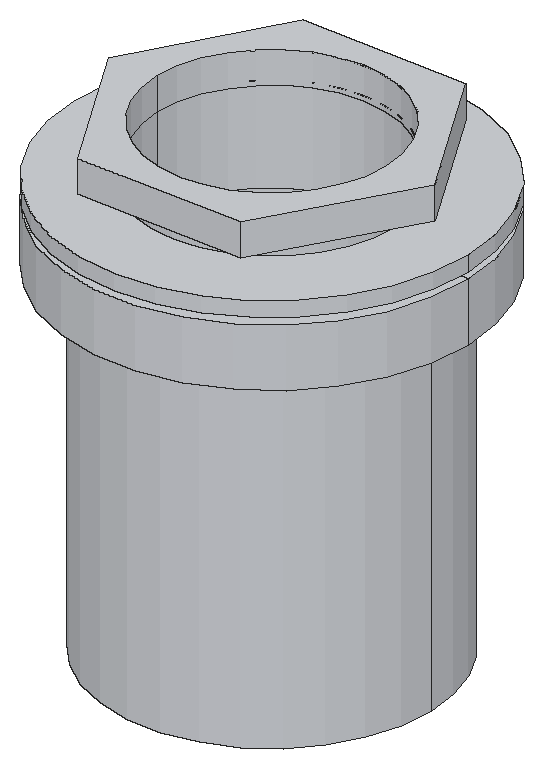
Revit family "FCS2B", category Generic Models, Revit 2017
Family settings
  Can host rebar = No
  Round Connector Dimension = Use Diameter
  Part Type = Normal
  Work Plane-Based = Yes
  Always vertical = No
  Cut with Voids When Loaded = No
  Shared = No
  Room Calculation Point = No
Parameters (values of type "NBS Standard Parameters")
  Weight = "0.0911Kg"
  WarrantyStartDate [instance] = "1900-12-31T23:59:59"
  WarrantyGuarantorParts = "n/a"
  WarrantyGuarantorLabor = "n/a"
  WarrantyDurationUnit = "1 year"
  WarrantyDurationParts = "n/a"
  WarrantyDurationLabor = "n/a"
  WarrantyDescription = "n/a"
  Version = "1"
  Uniclass2 = "Pr_65_70_11_20"
  TagNumber [instance] = "n/a"
  SustainabilityPerformance = "n/a"
  Size = "25mm"
  Shape = "Circular"
  SerialNumber [instance] = "n/a"
  Revision = "n/a"
  ReplacementCost = "n/a"
  ProductInformation = "www.metpro.co.uk/pdf/fcs2g.pdf"
  NominalWidth = 38 mm
  NominalLength = 38 mm
  NominalHeight = 43 mm
  Name = ""
  NBSTypeID = ""
  NBSReference = "90-55-10/460"
  NBSOfficeMasterTag = ""
  NBSNote = ""
  NBSDescription = "Conduit Fittings"
  NBSCertification = ""
  ModelReference = "FCS2B"
  ModelNumber = "n/a"
  Material = "Steel Body, Lead Washer and Brass Bush"
  ManufacturerURL = "www.metpro.co.uk"
  ManufacturerName = "Metpro Ltd"
  Keynote = "Compliant to LU standard 1-085"
  InstallationDate [instance] = "1900-12-31T23:59:59"
  IfcExportType = ""
  IfcExportAs = ""
  Grade = "n/a"
  Finish = "Black"
  Features = "n/a"
  ExpectedLife = "n/a"
  DurationUnit = "year"
  Description = "FCS2B 25mm Flange Coupler"
  Default Elevation = 1219.2 mm
  Constituents = "n/a"
  Color = "n/a"
  CodePerformance = "n/a"
  Category = "n/a"
  BarCode [instance] = "n/a"
  BIMObjectName = "Metpro_metprolibrary_Conduitfittings_metalcomponent_steelaccessories"
  Author = "Metpro Limited"
  AssetType = ""
  AssetIdentifier [instance] = "n/a"
  AccessibilityPerformance = "n/a"
Reference planes
  plane 1 "Center (Front/Back)": y = 0
  plane 2: z = 0
  plane 3 "Center (Left/Right)": x = 0
Forms (mm)
  Revolve 1, solid
    sketch origin (10.708, -7.188, 0) x (1, 0, 0) y (0, 0, -1)
      loop
        line (-11.06, -17.18) -> (-3.732, -17.18) -> (-3.732, -11.68) -> (-5.569, -11.68)
        arc (-5.569, -11.68) -> (-6.692, -11.215) -> (-7.156, -10.093) r 1.587
        line (-7.156, -10.093) -> (-7.156, 20.284) -> (-11.06, 20.284) -> (-11.06, -17.18)
      axis (-22.156, -17.18) -> (-22.156, 20.284)
    angle from 0 to 360
  Extrusion 2, solid
    sketch origin (-11.449, -7.188, 17.18) x (0, -1, 0) y (1, 0, 0)
      loop
        circle (0, 0) r 18.425
      loop
        circle (0, 0) r 11.096
    from 0.623 to 2.023
  Extrusion 3, solid
    sketch origin (-11.449, -7.188, 17.18) x (0, -1, 0) y (1, 0, 0)
      loop
        circle (0, 0) r 10.75
      loop
        circle (0, 0) r 11.615
    from -4.85 to 4.239
  Extrusion 4, solid
    sketch origin (-11.449, -7.188, 21.419) x (0, -1, 0) y (1, 0, 0)
      loop
        line (13.199, 7.621) -> (0, 15.241) -> (-13.199, 7.621) -> (-13.199, -7.621) -> (0, -15.241) -> (13.199, -7.621) -> (13.199, 7.621)
      loop
        circle (0, 0) r 10.75
    from -0.483 to 2.517
Dimensions and locks
  aligned and locked: level to plane 2
